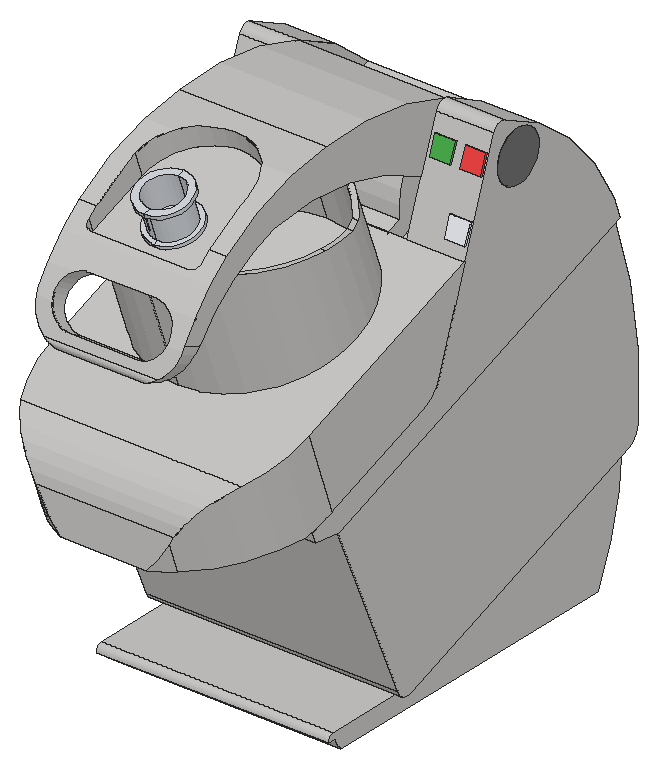
Revit family "QF_DITOSAMA_600418_DTRS1V371", category Specialty Equipment, Revit 2018
Family settings
  Round Connector Dimension = Use Diameter
  Part Type = Normal
  Work Plane-Based = No
  Always vertical = Yes
  Cut with Voids When Loaded = No
  Shared = No
  Room Calculation Point = No
Parameters (values of type "QF_DITO SAMA_600418_DTRS1V371")
  Weight = 21.40 kg
  Watts = 0 W
  Volts = 220 V
  URL Manufacturer = "http://www.ditosama.com"
  URL = "http://www.ditosama.com"
  Steam Supply Size = 0 mm
  Steam Supply Minimum Pressure = 0.0 Pa
  Steam Supply Maximum Pressure = 0.0 Pa
  Steam Pounds per Hour = 0
  Refrigeration Suction Line Size = 0 mm
  Refrigeration Liquid Line Size = 0 mm
  Refrigerant Compressor Remote = yes
  Manufacturer = "Dito Sama"
  Phase = 1
  Model = "DTRS1V371"
  Length Actual = 252 mm  # constant formula
  Item Number = "600418"
  Hot Water Size = 0 mm
  Height Actual = 515 mm  # constant formula
  HP = "0.5 HP"
  Gas Size = 0 mm
  Gas KW = 0
  Gas Input Pressure = 0 W
  Direct Waste Size = 0 mm
  Description = "VEGETABLE SLICER-1 SPEED-370W-220-240/1/50"
  Depth Actual = 500 mm  # constant formula
  Cycle = 50 Hz
  Condensate Return Size = 0 mm
  Compressed Air Volume = 0.0 L/s
  Compressed Air Size = 0 mm
  Compressed Air Pressure = 0.0 Pa
  Cold Water Size = 0 mm
  Accessory = yes
Reference planes
  plane 1 "Center (Front/Back)": y = 0
  plane 2: z = 0
  plane 3 "Center (Left/Right)": x = 0
  plane 4 "BASE": through (-1506.947, -1354.442, -482.669) normal (0, -0.342, 0.9397)
  plane 5 "TOP": z = 780
  plane 6 "FRONT": y = -250
  plane 7 "BACK": y = 250
  plane 8 "LEFT": x = -126
  plane 9 "RIGHT": x = 126
  plane 10 "BaseSup": through (4267.2, -355.454, 143.983) normal (0, -0.342, 0.9397)
  plane 11 "TopCylinder": z = 502
  plane 12 "panel": through (4267.2, 37.396, 376.789) normal (0, -0.9397, 0.342)
  plane 13 "TAN1": through (4267.2, -242.8, 386.84) normal (0, -0.868, 0.4965)
  plane 14 "cx": x = -4.392
Forms (mm)
  Extrusion 1, solid, material "QF_Finishes_Stainless Steel"
    sketch origin (0, 71.755, 29.173) x (0, 0.939693, 0.34202) y (0, -0.34202, 0.939693)
      loop
        line (194.125, 30) -> (-100, 30) -> (-172.671, 56.45)
        arc (-172.671, 56.45) -> (-177.706, 56.23) -> (-181.11, 52.515) r 6.584
        line (-181.11, 52.515) -> (-172.825, 49.499)
        arc (-172.825, 49.499) -> (-173.282, 42.917) -> (-170.601, 36.887) r 13.662
        line (-170.601, 36.887) -> (125.402, -70.849)
        arc (125.402, -70.849) -> (140.415, -55.659) -> (154.125, -39.282) r 258.806
        arc (154.125, -39.282) -> (176.416, -5.964) -> (194.125, 30) r 303.676
    from -114.1 to 114.1
  Extrusion 2, solid, material "QF_Finishes_Stainless Steel"
    sketch origin (0, 71.755, 29.173) x (0, 0.939693, 0.34202) y (0, -0.34202, 0.939693)
      loop
        arc (-117.754, 231.836) -> (-115.421, 136.806) -> (-106.378, 42.177) r 1344.145
        arc (-106.378, 42.177) -> (-102.811, 33.567) -> (-94.2, 30) r 12.177
        line (-94.2, 30) -> (191.415, 30)
        arc (191.415, 30) -> (200.799, 34.052) -> (207.001, 42.177) r 20.212
        arc (207.001, 42.177) -> (237.263, 134.79) -> (245.906, 231.836) r 430.148
        line (245.906, 231.836) -> (-117.754, 231.836)
    from -123.6 to 123.2
  Extrusion 3, solid, material "QF_Finishes_Stainless Steel"
    sketch origin (0, 71.755, 29.173) x (0, 0.939693, 0.34202) y (0, -0.34202, 0.939693)
      loop
        line (-117.754, 231.836) -> (250, 231.836) -> (250, 254)
        arc (250, 254) -> (225.127, 344.7) -> (167.861, 419.303) r 244.524
        arc (167.861, 419.303) -> (160.498, 421.774) -> (153.587, 418.23) r 10
        line (153.587, 418.23) -> (25.432, 265.5)
        arc (25.432, 265.5) -> (14.376, 257.016) -> (0.77, 254) r 32.194
        line (0.77, 254) -> (-142.678, 254) -> (-142.678, 244) -> (-117.754, 231.836)
    from -125 to 125
  Extrusion 4, void
    sketch origin (0, 71.755, 29.173) x (0, 0.939693, 0.34202) y (0, -0.34202, 0.939693)
      loop
        line (146.605, 338.403) -> (228.145, 338.403)
        arc (228.145, 338.403) -> (202.221, 381.996) -> (167.861, 419.303) r 244.524
        arc (167.861, 419.303) -> (160.498, 421.774) -> (153.587, 418.23) r 10
        line (153.587, 418.23) -> (72.34, 321.403) -> (146.605, 321.403) -> (146.605, 338.403)
    from -76.755 to 68.071
  Extrusion 5, solid, material "QF_Finishes_Stainless Steel"
    sketch origin (0, 71.755, 29.173) x (0, 0.939693, 0.34202) y (0, -0.34202, 0.939693)
      loop
        line (86.605, 338.403) -> (69.605, 321.403) -> (146.605, 321.403) -> (146.605, 338.403) -> (138.179, 338.403) -> (138.179, 369.367)
        arc (138.179, 369.367) -> (147.784, 373.474) -> (158.149, 372.174) r 19.987
        arc (158.149, 372.174) -> (156.791, 382.001) -> (162.888, 389.826) r 12.748
        arc (162.888, 389.826) -> (123.302, 374.774) -> (101.605, 338.403) r 64.447
        line (101.605, 338.403) -> (86.605, 338.403)
    from -65 to 50
  Extrusion 6, solid, material "QF_Finishes_Stainless Steel"
    sketch origin (539, 71.755, 29.173) x (0, -0.939693, -0.34202) y (0, -0.34202, 0.939693)
      loop
        circle (-169.102, 378.696) r 12.748
    from 489 to 604
  Extrusion 7, solid, material "QF_Finishes_Rubber Black"
    sketch origin (0, 71.755, 29.173) x (0, 0.939693, 0.34202) y (0, -0.34202, 0.939693)
      loop
        circle (169.102, 378.696) r 25
    from 125 to 126.6
  Extrusion 8, solid, material "QF_Finishes_Green"
    sketch origin (-10, -113.728, -38.42) x (0, -0.34202, -0.939693) y (1, 0, 0)
      loop
        line (-529.862, 82.865) -> (-509.862, 82.865) -> (-509.862, 102.865) -> (-529.862, 102.865) -> (-529.862, 82.865)
    from 0 to 1.6
  Extrusion 9, solid, material "QF_Finishes_Red"
    sketch origin (20, -113.728, -38.42) x (0, -0.34202, -0.939693) y (1, 0, 0)
      loop
        line (-529.862, 82.865) -> (-509.862, 82.865) -> (-509.862, 102.865) -> (-529.862, 102.865) -> (-529.862, 82.865)
    from 0 to 1.6
  Extrusion 10, solid, material "QF_Finishes_White"
    sketch origin (19.976, -149.421, -75.636) x (0, -0.34202, -0.939693) y (1, 0, 0)
      loop
        line (-521.192, 82.865) -> (-501.192, 82.865) -> (-501.192, 102.865) -> (-521.192, 102.865) -> (-521.192, 82.865)
    from 0 to 1.6
  Extrusion 11, solid, material "QF_Finishes_Rubber Black"
    sketch origin (-20, -306.935, 99.376) x (0, -1, 0) y (1, 0, 0)
      loop
        circle (-230.144, 103.748) r 10
      loop
        circle (-230.144, -61.252) r 10
    from 9.274 to 3.787
  Extrusion 12, void
    sketch origin (-20.94, 306.731, 139.428) x (-1, 0, 0) y (0, -0.34202, 0.939693)
      loop
        circle (-20.94, 196.093) r 10
    from -1.916 to -26.433
  Extrusion 13, solid, material "QF_Finishes_Stainless Steel"
    sketch origin (-20.94, 306.678, 139.573) x (-1, 0, 0) y (0, -0.34202, 0.939693)
      loop
        circle (-20.94, 195.939) r 9.999
    from -8.514 to -26.433
  Extrusion 14, solid, material "QF_Finishes_Stainless Steel"
    sketch origin (0, -15.119, 267.855) x (0, -0.939693, -0.34202) y (1, 0, 0)
      loop
        line (-86.605, -125) -> (117.754, -125)
        arc (117.754, -125) -> (182.577, -108.838) -> (232.224, -64.135) r 138.076
        arc (232.224, -64.135) -> (246.337, -33.516) -> (250, 0) r 104.824
        arc (250, 0) -> (246.337, 33.516) -> (232.224, 64.135) r 104.824
        arc (232.224, 64.135) -> (182.577, 108.838) -> (117.754, 125) r 138.076
        line (117.754, 125) -> (-86.605, 125) -> (-86.605, -125)
    from 0 to 84.403
  Extrusion 15, void
    sketch origin (0, 71.755, 29.173) x (0, 0.939693, 0.34202) y (0, -0.34202, 0.939693)
      loop
        line (-148.177, 254) -> (-243.49, 272.527) -> (-229.509, 307.133)
        arc (-229.509, 307.133) -> (-211.109, 329.855) -> (-183.149, 338.403) r 50
        line (-183.149, 338.403) -> (-263.395, 338.403) -> (-263.395, 254) -> (-148.177, 254)
      loop
        line (86.605, 338.403) -> (25.432, 265.5)
        arc (25.432, 265.5) -> (14.376, 257.016) -> (0.77, 254) r 32.194
        line (0.77, 254) -> (86.605, 254) -> (86.605, 338.403)
    from -156.555 to 144.79
  Extrusion 16, solid, material "QF_Finishes_Rubber Black"
    sketch origin (-20, -28.598, 99.376) x (0, -1, 0) y (1, 0, 0)
      loop
        circle (-230.144, 103.748) r 10
      loop
        circle (-230.144, -61.252) r 10
    from 9.274 to 3.787
  Extrusion 17, solid, material "QF_Finishes_Stainless Steel"
    sketch origin (0, 0, 0) x (0, 1, 0) y (0, 0, 1)
      loop
        arc (-237.987, 360.286) -> (-193.334, 422.101) -> (-125.907, 457.716) r 167.502
        arc (-125.907, 457.716) -> (-32.614, 457.202) -> (54.785, 424.565) r 266.494
        line (54.785, 424.565) -> (73.036, 474.711)
        arc (73.036, 474.711) -> (77.269, 479.853) -> (83.792, 481.198) r 10
        arc (83.792, 481.198) -> (12.917, 500.705) -> (-60.594, 500.999) r 278.64
        arc (-60.594, 500.999) -> (-125.023, 488.463) -> (-183.511, 458.675) r 236.13
        arc (-183.511, 458.675) -> (-222.818, 420.732) -> (-248.457, 372.49) r 174.407
        arc (-248.457, 372.49) -> (-249.83, 368.135) -> (-247.05, 364.513) r 4.945
        line (-247.05, 364.513) -> (-237.987, 360.286)
    from -76.755 to 68.071
  Extrusion 18, void
    sketch origin (0, -252.846, 369.279) x (0, -0.496521, -0.868025) y (1, 0, 0)
      loop
        line (-13.723, -36.755) -> (-13.723, 28.071)
        arc (-13.723, 28.071) -> (-38.723, 53.071) -> (-63.723, 28.071) r 25
        line (-63.723, 28.071) -> (-63.723, -36.755)
        arc (-63.723, -36.755) -> (-38.723, -61.755) -> (-13.723, -36.755) r 25
    from -148.493 to 7.125
  Extrusion 19, void
    sketch origin (0, -88.076, 32.057) x (0, -0.34202, -0.939693) y (1, 0, 0)
      loop
        line (-257.162, 68.071) -> (-297.162, 68.071)
        arc (-297.162, 68.071) -> (-268.878, 56.356) -> (-257.162, 28.071) r 40
        line (-257.162, 28.071) -> (-257.162, 68.071)
      loop
        line (-257.162, -76.755) -> (-257.162, -36.755)
        arc (-257.162, -36.755) -> (-268.878, -65.039) -> (-297.162, -76.755) r 40
        line (-297.162, -76.755) -> (-257.162, -76.755)
    from 233.374 to 280.473
  Extrusion 20, void
    sketch origin (0, -73.76, 246.511) x (0, -0.939693, -0.34202) y (1, 0, 0)
      loop
        spline (50.415, 43.499) -> (50.302, 44.538) -> (50.07, 45.551) -> (49.722, 46.523) -> (49.265, 47.436) -> (48.705, 48.278) -> (48.053, 49.034) -> (47.317, 49.692) -> (46.511, 50.241) -> (45.647, 50.674) -> (44.738, 50.981) -> (43.801, 51.16) -> (42.848, 51.221)
        line (42.848, 51.221) -> (-21.826, 51.221)
        arc (-21.826, 51.221) -> (-77.476, -4.429) -> (-21.826, -60.078) r 55.65
        line (-21.826, -60.078) -> (42.849, -60.064)
        spline (42.849, -60.064) -> (43.796, -60.017) -> (44.73, -59.836) -> (45.637, -59.525) -> (46.5, -59.088) -> (47.306, -58.532) -> (48.042, -57.867) -> (48.695, -57.103) -> (49.256, -56.253) -> (49.715, -55.331) -> (50.065, -54.351) -> (50.3, -53.329) -> (50.415, -52.283)
        line (50.415, -52.283) -> (50.415, 43.499)
    from 219.928 to 259.975
  Extrusion 21, void
    sketch origin (0, -87.856, 241.381) x (0, -0.939693, -0.34202) y (1, 0, 0)
      loop
        circle (-4.976, -4.429) r 22.5
    from 184.171 to 259.975
  Extrusion 22, solid, material "QF_Finishes_Stainless Steel"
    sketch origin (0, -57.13, 252.564) x (0, -0.939693, -0.34202) y (1, 0, 0)
      loop
        circle (-27.476, -4.429) r 100
      loop
        circle (-27.476, -4.429) r 95
    from 84.403 to 219.928
  Extrusion 23, void
    sketch origin (539, 0, 0) x (0, -1, 0) y (0, 0, 1)
      loop
        line (-7.229, 448.453) -> (38.883, 431.669) -> (53.883, 431.669) -> (97.232, 435.738) -> (172.232, 435.738) -> (200.5, 434.424) -> (12.562, 502.828) -> (-7.229, 448.453)
    from 424.9 to 664
  Revolve 24, solid
    sketch origin (-4.392, 0, 0) x (0, 1, 0) y (0, 0, 1)
      loop
        line (-159.523, 452.833) -> (-177.266, 446.376) -> (-188.766, 477.973) -> (-195.199, 475.631) -> (-193.959, 472.225) -> (-189.261, 473.935) -> (-179, 445.744) -> (-183.698, 444.034) -> (-182.575, 440.948) -> (-179.543, 442.052) -> (-133.191, 314.7) -> (-112.048, 322.396) -> (-159.523, 452.833)
      axis (-112.048, 322.396) -> (-171.023, 484.431)
    angle from 0 to 360
  Extrusion 25, solid, material "QF_Door-Drawer Clearances", detail levels coarse
    sketch origin (0, -259.129, 728.467) x (0, -0.462376, -0.886684) y (0, 0.886684, -0.462376)
      loop
        arc (-237.987, 360.286) -> (-193.334, 422.101) -> (-125.907, 457.716) r 167.502
        arc (-125.907, 457.716) -> (-32.614, 457.202) -> (54.785, 424.565) r 266.494
        line (54.785, 424.565) -> (59.562, 427.056)
        arc (59.562, 427.056) -> (59.025, 458.234) -> (62.46, 489.226) r 244.524
        arc (62.46, 489.226) -> (1.594, 502.023) -> (-60.594, 500.999) r 278.64
        arc (-60.594, 500.999) -> (-125.023, 488.463) -> (-183.511, 458.675) r 236.13
        arc (-183.511, 458.675) -> (-222.818, 420.732) -> (-248.457, 372.49) r 174.407
        arc (-248.457, 372.49) -> (-249.83, 368.135) -> (-247.05, 364.513) r 4.945
        line (-247.05, 364.513) -> (-237.987, 360.286)
    from -76.755 to 68.071
  Extrusion 26, solid, material "QF_Door-Drawer Clearances", detail levels coarse
    sketch origin (-4.392, 0, 0) x (0, 1, 0) y (0, 0, 1)
      loop
        arc (180.062, 780.324) -> (-149.234, 694.151) -> (-249.905, 368.994) r 350.321
        line (-249.905, 368.994) -> (-246.546, 377.767)
        arc (-246.546, 377.767) -> (-144.345, 691.9) -> (174.993, 776.44) r 345.321
        line (174.993, 776.44) -> (180.062, 780.324)
    from -60 to 60
Cuts and joins
  Extrusion 4, Extrusion 19, Extrusion 20, Extrusion 21 cuts Extrusion 3
  Extrusion 15, Extrusion 19, Extrusion 20, Extrusion 21 cuts Extrusion 14
  Extrusion 18, Extrusion 19, Extrusion 20, Extrusion 21 cuts Extrusion 17
  Extrusion 12, Extrusion 20, Extrusion 21 cuts Extrusion 2
  Extrusion 23 cuts Extrusion 22
Lines and regions (mm)
  model lines
    curve 1: line (-65, 80.335, 302.597) -> (50, 80.335, 302.597)
    curve 2: line (-65, 83.13, 303.615) -> (50, 83.13, 303.615)
Dimensions and locks
  plane 5 "TOP" to level = 780 mm
  plane 8 "LEFT" to plane 3 "Center (Left/Right)" to plane 9 "RIGHT" = 126 mm, 126 mm
  plane 7 "BACK" to plane 1 "Center (Front/Back)" to plane 6 "FRONT" = 250 mm, 250 mm
  plane 5 "TOP" to plane 2 = 780 mm
  plane 5 "TOP" to plane 11 "TopCylinder" = 278 mm
  plane 6 "FRONT" to plane 7 "BACK" = 500 mm
  plane 7 "BACK" to plane 6 "FRONT" = 500 mm
  plane 11 "TopCylinder" to level = 502 mm
  aligned and locked: level to plane 2
Connectors
  electrical at (0, 231.662, 320.783), driven by "Volts"
    settings: on Extrusion 13, index 1, voltage 220 V, apparent load 0 VA, apparent load phase1 0 VA, apparent load phase2 0 VA, apparent load phase3 0 VA, power factor 1, load classification "Other", number of poles 1, system type 30, power factor state 1, is connector primary yes, connector utility no, sub classification motor no, connector description "Electrical Connection"
